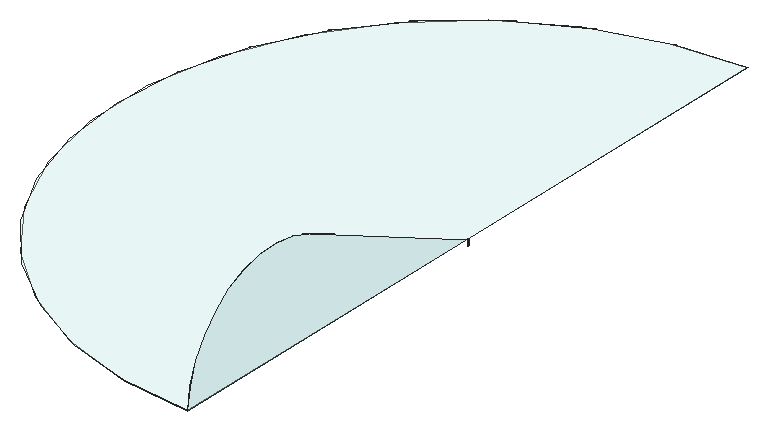
Revit family "Rotor Falvon 6504 Series - I6504PCSSHS", category Acessórios do tubo, Revit 2020
Family settings
  Cota do conector redondo = Utilizar diâmetro
  Tipo de parte = Normal
  Número OmniClass = 23.60.30.11.14
  Título OmniClass = Pipework Fittings
  Com base no plano de trabalho = Não
  Sempre na vertical = Sim
  Corte com vazios quando carregada = Não
  Compartilhado = Não
Parameters (values of type "Nozzle 18")
  Water = Water
  URL = "https://www.rainbird.com/"
  TABLE 90 = "TABLE 90psi"
  TABLE 80 = "TABLE 80psi"
  TABLE 70 = "TABLE 70psi"
  TABLE 60 = "TABLE 60psi"
  TABLE 50 = "TABLE 50psi"
  TABLE 40 = "TABLE 40psi"
  TABLE 30 = "TABLE 30psi"
  SupportProjetos: Reviw Date = ""  # constant formula
  SupportProjetos: Reviw = "R00"  # constant formula
  SupportProjetos: Level of Detail = "LOD 300"  # constant formula
  SupportProjetos: Developed = "MICHEL SOARES MOTA"  # constant formula
  SupportProjetos: Creation Date = "07/08/2020"  # constant formula
  Side inlet = no
  Rotation Water Visibility [instance] = Pop up on  # yes
  Rotation Angle [instance] = 180.00°
  RainBird: Product Link = "https://www.rainbird.com/"
  RainBird: Description = "FALCON I6504-PC-SS-HS Rotor "  # constant formula
  RainBird: Comment [instance] = ""
  RainBird: Code = "B65841"  # constant formula
  Radius [instance] = if(and(Pressure = 30.0 psi, Instance < 3 ft), size_lookup(TABLE 30, "Radius", 0 ft, Instance), if(and(Pressure = 40.0 psi, Instance < 9 ft), size_lookup(TABLE 40, "Radius", 0 ft, Instance), if(and(Pressure = 50.0 psi, Instance < 9 ft), size_lookup(TABLE 50, "Radius", 0 ft, Instance), if(and(Pressure = 60.0 psi, Instance < 9 ft), size_lookup(TABLE 60, "Radius", 0 ft, Instance), if(and(Pressure = 70.0 psi, Instance < 9 ft), size_lookup(TABLE 70, "Radius", 0 ft, Instance), if(and(Pressure = 80.0 psi, Instance < 9 ft), size_lookup(TABLE 80, "Radius", 0 ft, Instance), if(and(Pressure = 90.0 psi, Instance > 7 ft), size_lookup(TABLE 90, "Radius", 600 ft, Instance), 0 ft)))))))  # 63 ft
  RT = 0.009893 ft
  RN = 0.032808 ft
  R5 = 0.03937 ft
  R4 = 0.04101 ft
  R3 = 0.065617 ft
  R2 = 0.075407 ft
  R1 = 0.032808 ft
  Pressure [instance] = 60.0 psi
  Pop up height = 0.334646 ft
  Pop up on [instance] = yes
  Modelo = "I6504-PCSSHS"  # constant formula
  Instance = 8 ft
  H1 = Body height / 3  # 0.236333 ft
  Flow [instance] = if(and(Pressure = 30.0 psi, Instance < 3 ft), size_lookup(TABLE 30, "Flow", 0.0 GPM, Instance), if(and(Pressure = 40.0 psi, Instance < 9 ft), size_lookup(TABLE 40, "Flow", 0.0 GPM, Instance), if(and(Pressure = 50.0 psi, Instance < 9 ft), size_lookup(TABLE 50, "Flow", 0.0 GPM, Instance), if(and(Pressure = 60.0 psi, Instance < 9 ft), size_lookup(TABLE 60, "Flow", 0.0 GPM, Instance), if(and(Pressure = 70.0 psi, Instance < 9 ft), size_lookup(TABLE 70, "Flow", 0.0 GPM, Instance), if(and(Pressure = 80.0 psi, Instance < 9 ft), size_lookup(TABLE 80, "Flow", 0.0 GPM, Instance), if(and(Pressure = 90.0 psi, Instance > 7 ft), size_lookup(TABLE 90, "Flow", 0.0 GPM, Instance), 0.0 GPM)))))))  # 17.1 GPM
  Fabricante = "Rain Bird"
  Elevação padrão = 0 ft
  Description = RainBird: Description  # "FALCON I6504-PC-SS-HS Rotor "
  DD13 = 0.002625 ft
  DD12 = 0.003937 ft
  DD11 = 0.009897 ft
  DD10 = 0.016404 ft
  DD8 [instance] = if(Pop up on, Pop up height, 0 ft)  # 0.334646 ft
  DD7 = 0.019685 ft
  DD6 [instance] = 0.016404 ft
  DD5 = 0.065617 ft
  DD4 = 0.032808 ft
  DD3 = 0.091048 ft
  DD2 [instance] = 0.024514 ft
  DD9 [instance] = if(Pop up on, Pop up height + 0.049541 ft, 0 ft)  # 0.384186 ft
  DD1 = 0.006562 ft
  Conection = 0.062664 ft  # constant formula
  Body height = 0.709 ft  # constant formula
  Blue = Blue Plastic
  Black Plastic = Black Plastic
  Angle = 25.00°
Types (9, lengths in ft): name | Radius | Pressure | Instance | Flow
  (no name) | 63 | 60.0 psi | 8 | 17.1 GPM
  Nozzle 4 | 43 | 80.0 psi | 1 | 4.6 GPM
  Nozzle 6 | 49 | 80.0 psi | 2 | 4.9 GPM
  Nozzle 8 | 53 | 80.0 psi | 3 | 9.4 GPM
  Nozzle 10 | 55 | 80.0 psi | 4 | 11.6 GPM
  Nozzle 12 | 61 | 80.0 psi | 5 | 14.0 GPM
  Tipo 14 | 61 | 80.0 psi | 6 | 16.2 GPM
  Nozzle 16 | 63 | 80.0 psi | 7 | 18.1 GPM
  Nozzle 18 | 63 | 60.0 psi | 8 | 17.1 GPM
Reference planes (ft)
  plane 1 "Centro (Frente/Trás)": y = 0
  plane 2: z = 0
  plane 3 "Centro (Esquerda/Direita)": x = 0
  plane 4: z = 0.003937
  plane 5: z = 0.002625
  plane 6: y = -0.065617
Forms (ft)
  Revolve 1, solid, material "Black Plastic" <- "Black Plastic"
    sketch origin (0, 0, 0) x (1, 0, 0) y (0, 0, 1)
      loop
        line (0.075407, -0.091048) -> (0.075407, -0.035324)
        arc (0.075407, -0.035324) -> (0.072509, -0.028329) -> (0.065514, -0.025431) r 0.009893
        line (0.065514, -0.025431) -> (0.046098, -0.025431) -> (0.046098, 0) -> (0.03937, 0) -> (0.03937, -0.334646) -> (0.019685, -0.334646) -> (0.019685, -0.702438) -> (0.032808, -0.702438) -> (0.032808, -0.709) -> (0.04101, -0.709) -> (0.04101, -0.702438) -> (0.055724, -0.702438)
        arc (0.055724, -0.702438) -> (0.062719, -0.699541) -> (0.065617, -0.692545) r 0.009893
        line (0.065617, -0.692545) -> (0.065617, -0.091048) -> (0.075407, -0.091048)
      axis (0, -0.709) -> (0, 0)
    angle from 0 to 360
  Extrusion 2, solid, material "Black Plastic" <- "Black Plastic"
    sketch origin (0, 0, 0) x (1, 0, 0) y (0, 1, 0)
      loop
        circle (0, 0) r 0.032808
    from -0.334646 to 0.334646
  Extrusion 3, void
    sketch origin (0, 0, 0) x (1, 0, 0) y (0, 1, 0)
      loop
        circle (0, 0) r 0.022844
    from -0.334646 to 0.334646
  Revolve 4, solid, material "Black Plastic" <- "Black Plastic"
    sketch origin (0, 0, 0) x (1, 0, 0) y (0, 0, 1)
      loop
        line (0, 0.334646) -> (0.037004, 0.334646) -> (0.037004, 0.344543)
        arc (0.037004, 0.344543) -> (0.01879, 0.349436) -> (0, 0.35105) r 0.10685
        line (0, 0.35105) -> (0, 0.334646)
      axis (0, 0.334646) -> (0, 0.35105)
    angle from 0 to 360
  Extrusion 5, solid, material "Blue Plastic" <- "Blue"
    sketch origin (0, 0, 0) x (1, 0, 0) y (0, 0, 1)
      loop
        circle (0, 0.310131) r 0.009129
      loop
        circle (0, 0.310131) r 0.004793
    from 0 to 0.034386
  Extrusion 6, void
    sketch origin (0, 0, 0) x (1, 0, 0) y (0, 0, 1)
      loop
        line (-0.02074, 0.328055) -> (-0.02074, 0.282426) -> (0.020672, 0.282426) -> (0.020672, 0.328055) -> (-0.02074, 0.328055)
      loop
        line (-0.018439, 0.325179) -> (-0.018439, 0.285685) -> (0.018179, 0.285685) -> (0.018179, 0.325179) -> (-0.018439, 0.325179)
    from 0.024556 to 0.06931
  Extrusion 7, solid, material "Black Plastic" <- "Black Plastic"
    sketch origin (0, 0, 0) x (1, 0, 0) y (0, 0, 1)
      loop
        line (0.046098, 0) -> (0.046098, -0.036876) -> (0.073493, -0.036876) -> (0.046098, 0)
    from -0.002998 to 0.002998
  Extrusion 8, solid, material "Black Plastic" <- "Black Plastic"
    sketch origin (0, 0, 0) x (-1, 0, 0) y (0, 0, -1)
      loop
        line (0.046098, 0) -> (0.073493, 0.036876) -> (0.046098, 0.036876) -> (0.046098, 0)
    from -0.002998 to 0.002998
  Extrusion 9, solid, material "Black Plastic" <- "Black Plastic"
    sketch origin (0, 0, 0) x (0.866025, 0.5, 0) y (0, 0, 1)
      loop
        line (0.046098, 0) -> (0.046098, -0.036876) -> (0.073493, -0.036876) -> (0.046098, 0)
    from -0.002998 to 0.002998
  Extrusion 10, solid, material "Black Plastic" <- "Black Plastic"
    sketch origin (0, 0, 0) x (-0.866025, -0.5, 0) y (0, 0, -1)
      loop
        line (0.046098, 0) -> (0.073493, 0.036876) -> (0.046098, 0.036876) -> (0.046098, 0)
    from -0.002998 to 0.002998
  Extrusion 11, solid, material "Black Plastic" <- "Black Plastic"
    sketch origin (0, 0, 0) x (0, 1, 0) y (0, 0, 1)
      loop
        line (0.046098, 0) -> (0.046098, -0.036876) -> (0.073493, -0.036876) -> (0.046098, 0)
    from -0.002998 to 0.002998
  Extrusion 12, solid, material "Black Plastic" <- "Black Plastic"
    sketch origin (0, 0, 0) x (0, -1, 0) y (0, 0, -1)
      loop
        line (0.046098, 0) -> (0.073493, 0.036876) -> (0.046098, 0.036876) -> (0.046098, 0)
    from -0.002998 to 0.002998
  Extrusion 13, solid, material "Black Plastic" <- "Black Plastic"
    sketch origin (0, 0, 0) x (0.5, 0.866025, 0) y (0, 0, 1)
      loop
        line (0.046098, 0) -> (0.046098, -0.036876) -> (0.073493, -0.036876) -> (0.046098, 0)
    from -0.002998 to 0.002998
  Extrusion 14, solid, material "Black Plastic" <- "Black Plastic"
    sketch origin (0, 0, 0) x (-0.5, -0.866025, 0) y (0, 0, -1)
      loop
        line (0.046098, 0) -> (0.073493, 0.036876) -> (0.046098, 0.036876) -> (0.046098, 0)
    from -0.002998 to 0.002998
  Extrusion 15, solid, material "Black Plastic" <- "Black Plastic"
    sketch origin (0, 0, 0) x (-0.5, 0.866025, 0) y (0, 0, 1)
      loop
        line (0.046098, 0) -> (0.046098, -0.036876) -> (0.073493, -0.036876) -> (0.046098, 0)
    from -0.002998 to 0.002998
  Extrusion 16, solid, material "Black Plastic" <- "Black Plastic"
    sketch origin (0, 0, 0) x (0.5, -0.866025, 0) y (0, 0, -1)
      loop
        line (0.046098, 0) -> (0.073493, 0.036876) -> (0.046098, 0.036876) -> (0.046098, 0)
    from -0.002998 to 0.002998
  Extrusion 17, solid, material "Black Plastic" <- "Black Plastic"
    sketch origin (0, 0, 0) x (-0.866025, 0.5, 0) y (0, 0, 1)
      loop
        line (0.046098, 0) -> (0.046098, -0.036876) -> (0.073493, -0.036876) -> (0.046098, 0)
    from -0.002998 to 0.002998
  Extrusion 18, solid, material "Black Plastic" <- "Black Plastic"
    sketch origin (0, 0, 0) x (0.866025, -0.5, 0) y (0, 0, -1)
      loop
        line (0.046098, 0) -> (0.073493, 0.036876) -> (0.046098, 0.036876) -> (0.046098, 0)
    from -0.002998 to 0.002998
  Extrusion 19, void
    sketch origin (0, 0, 0) x (1, 0, 0) y (0, 1, 0)
      loop
        line (-0.002998, 0.077702) -> (-0.002998, 0.071655) -> (0.002998, 0.071655) -> (0.002998, 0.077702) -> (-0.002998, 0.077702)
    from -0.091048 to 0.82021
  Extrusion 20, void
    sketch origin (0, 0, 0) x (1, 0, 0) y (0, 1, 0)
      loop
        line (0.002998, -0.077702) -> (0.002998, -0.071655) -> (-0.002998, -0.071655) -> (-0.002998, -0.077702) -> (0.002998, -0.077702)
    from -0.091048 to 0.82021
  Extrusion 21, void
    sketch origin (0, 0, 0) x (0.965926, 0.258819, 0) y (-0.258819, 0.965926, 0)
      loop
        line (-0.002998, 0.077702) -> (-0.002998, 0.071655) -> (0.002998, 0.071655) -> (0.002998, 0.077702) -> (-0.002998, 0.077702)
    from -0.091048 to 0.82021
  Extrusion 22, void
    sketch origin (0, 0, 0) x (0.965926, 0.258819, 0) y (-0.258819, 0.965926, 0)
      loop
        line (0.002998, -0.077702) -> (0.002998, -0.071655) -> (-0.002998, -0.071655) -> (-0.002998, -0.077702) -> (0.002998, -0.077702)
    from -0.091048 to 0.82021
  Extrusion 23, void
    sketch origin (0, 0, 0) x (0.866025, 0.5, 0) y (-0.5, 0.866025, 0)
      loop
        line (-0.002998, 0.077702) -> (-0.002998, 0.071655) -> (0.002998, 0.071655) -> (0.002998, 0.077702) -> (-0.002998, 0.077702)
    from -0.091048 to 0.82021
  Extrusion 24, void
    sketch origin (0, 0, 0) x (0.866025, 0.5, 0) y (-0.5, 0.866025, 0)
      loop
        line (0.002998, -0.077702) -> (0.002998, -0.071655) -> (-0.002998, -0.071655) -> (-0.002998, -0.077702) -> (0.002998, -0.077702)
    from -0.091048 to 0.82021
  Extrusion 25, void
    sketch origin (0, 0, 0) x (0.5, 0.866025, 0) y (-0.866025, 0.5, 0)
      loop
        line (-0.002998, 0.077702) -> (-0.002998, 0.071655) -> (0.002998, 0.071655) -> (0.002998, 0.077702) -> (-0.002998, 0.077702)
    from -0.091048 to 0.82021
  Extrusion 26, void
    sketch origin (0, 0, 0) x (0.5, 0.866025, 0) y (-0.866025, 0.5, 0)
      loop
        line (0.002998, -0.077702) -> (0.002998, -0.071655) -> (-0.002998, -0.071655) -> (-0.002998, -0.077702) -> (0.002998, -0.077702)
    from -0.091048 to 0.82021
  Extrusion 27, void
    sketch origin (0, 0, 0) x (0.707107, 0.707107, 0) y (-0.707107, 0.707107, 0)
      loop
        line (-0.002998, 0.077702) -> (-0.002998, 0.071655) -> (0.002998, 0.071655) -> (0.002998, 0.077702) -> (-0.002998, 0.077702)
    from -0.091048 to 0.82021
  Extrusion 28, void
    sketch origin (0, 0, 0) x (0.707107, 0.707107, 0) y (-0.707107, 0.707107, 0)
      loop
        line (0.002998, -0.077702) -> (0.002998, -0.071655) -> (-0.002998, -0.071655) -> (-0.002998, -0.077702) -> (0.002998, -0.077702)
    from -0.091048 to 0.82021
  Extrusion 29, void
    sketch origin (0, 0, 0) x (0.258819, 0.965926, 0) y (-0.965926, 0.258819, 0)
      loop
        line (-0.002998, 0.077702) -> (-0.002998, 0.071655) -> (0.002998, 0.071655) -> (0.002998, 0.077702) -> (-0.002998, 0.077702)
    from -0.091048 to 0.82021
  Extrusion 30, void
    sketch origin (0, 0, 0) x (0.258819, 0.965926, 0) y (-0.965926, 0.258819, 0)
      loop
        line (0.002998, -0.077702) -> (0.002998, -0.071655) -> (-0.002998, -0.071655) -> (-0.002998, -0.077702) -> (0.002998, -0.077702)
    from -0.091048 to 0.82021
  Extrusion 31, void
    sketch origin (0, 0, 0) x (0, 1, 0) y (-1, 0, 0)
      loop
        line (-0.002998, 0.077702) -> (-0.002998, 0.071655) -> (0.002998, 0.071655) -> (0.002998, 0.077702) -> (-0.002998, 0.077702)
    from -0.091048 to 0.82021
  Extrusion 32, void
    sketch origin (0, 0, 0) x (0, 1, 0) y (-1, 0, 0)
      loop
        line (0.002998, -0.077702) -> (0.002998, -0.071655) -> (-0.002998, -0.071655) -> (-0.002998, -0.077702) -> (0.002998, -0.077702)
    from -0.091048 to 0.82021
  Extrusion 33, void
    sketch origin (0, 0, 0) x (-0.258819, 0.965926, 0) y (-0.965926, -0.258819, 0)
      loop
        line (-0.002998, 0.077702) -> (-0.002998, 0.071655) -> (0.002998, 0.071655) -> (0.002998, 0.077702) -> (-0.002998, 0.077702)
    from -0.091048 to 0.82021
  Extrusion 34, void
    sketch origin (0, 0, 0) x (-0.258819, 0.965926, 0) y (-0.965926, -0.258819, 0)
      loop
        line (0.002998, -0.077702) -> (0.002998, -0.071655) -> (-0.002998, -0.071655) -> (-0.002998, -0.077702) -> (0.002998, -0.077702)
    from -0.091048 to 0.82021
  Extrusion 35, void
    sketch origin (0, 0, 0) x (-0.5, 0.866025, 0) y (-0.866025, -0.5, 0)
      loop
        line (-0.002998, 0.077702) -> (-0.002998, 0.071655) -> (0.002998, 0.071655) -> (0.002998, 0.077702) -> (-0.002998, 0.077702)
    from -0.091048 to 0.82021
  Extrusion 36, void
    sketch origin (0, 0, 0) x (-0.5, 0.866025, 0) y (-0.866025, -0.5, 0)
      loop
        line (0.002998, -0.077702) -> (0.002998, -0.071655) -> (-0.002998, -0.071655) -> (-0.002998, -0.077702) -> (0.002998, -0.077702)
    from -0.091048 to 0.82021
  Extrusion 37, void
    sketch origin (0, 0, 0) x (-0.707107, 0.707107, 0) y (-0.707107, -0.707107, 0)
      loop
        line (-0.002998, 0.077702) -> (-0.002998, 0.071655) -> (0.002998, 0.071655) -> (0.002998, 0.077702) -> (-0.002998, 0.077702)
    from -0.091048 to 0.82021
  Extrusion 38, void
    sketch origin (0, 0, 0) x (-0.707107, 0.707107, 0) y (-0.707107, -0.707107, 0)
      loop
        line (0.002998, -0.077702) -> (0.002998, -0.071655) -> (-0.002998, -0.071655) -> (-0.002998, -0.077702) -> (0.002998, -0.077702)
    from -0.091048 to 0.82021
  Extrusion 39, void
    sketch origin (0, 0, 0) x (-0.866025, 0.5, 0) y (-0.5, -0.866025, 0)
      loop
        line (-0.002998, 0.077702) -> (-0.002998, 0.071655) -> (0.002998, 0.071655) -> (0.002998, 0.077702) -> (-0.002998, 0.077702)
    from -0.091048 to 0.82021
  Extrusion 40, void
    sketch origin (0, 0, 0) x (-0.866025, 0.5, 0) y (-0.5, -0.866025, 0)
      loop
        line (0.002998, -0.077702) -> (0.002998, -0.071655) -> (-0.002998, -0.071655) -> (-0.002998, -0.077702) -> (0.002998, -0.077702)
    from -0.091048 to 0.82021
  Extrusion 41, void
    sketch origin (0, 0, 0) x (-0.965926, 0.258819, 0) y (-0.258819, -0.965926, 0)
      loop
        line (-0.002998, 0.077702) -> (-0.002998, 0.071655) -> (0.002998, 0.071655) -> (0.002998, 0.077702) -> (-0.002998, 0.077702)
    from -0.091048 to 0.82021
  Extrusion 42, void
    sketch origin (0, 0, 0) x (-0.965926, 0.258819, 0) y (-0.258819, -0.965926, 0)
      loop
        line (0.002998, -0.077702) -> (0.002998, -0.071655) -> (-0.002998, -0.071655) -> (-0.002998, -0.077702) -> (0.002998, -0.077702)
    from -0.091048 to 0.82021
  Extrusion 43, solid, material "Water" <- "Water", visible <- "Rotation Water Visibility"
    sketch origin (0, 0, 0) x (0, 1, 0) y (0, 0, 1)
      loop
        line (-0.032808, 0.310131) -> (-35.615202, 16.902474)
        arc (-35.615202, 16.902474) -> (-53.751991, 15.923219) -> (-63.032808, 0.310131) r 19.287003
        line (-63.032808, 0.310131) -> (-0.032808, 0.310131)
    from -0.008202 to 0.008202
Cuts and joins
  Extrusion 3, Extrusion 6 cuts Extrusion 2
  Extrusion 19, Extrusion 20, Extrusion 21, Extrusion 22, Extrusion 23, Extrusion 24, Extrusion 25, Extrusion 26, Extrusion 27, Extrusion 28, Extrusion 29, Extrusion 30, Extrusion 31, Extrusion 32, Extrusion 33, Extrusion 34, Extrusion 35, Extrusion 36, Extrusion 37, Extrusion 38, Extrusion 39, Extrusion 40, Extrusion 41, Extrusion 42 cuts Revolve 1
Dimensions and locks (ft)
  "Body height": level to Revolve 1 sketch curve
  "R2": Revolve 1 sketch curve to plane 3 "Centro (Esquerda/Direita)"
  "DD1": Revolve 1 sketch curve to Revolve 1 sketch curve
  "DD3": level to Revolve 1 sketch curve
  Revolve 1 sketch curve to plane 3 "Centro (Esquerda/Direita)" = 0.065617 ft
  "R4": Revolve 1 sketch curve to plane 3 "Centro (Esquerda/Direita)"
  "RN": Revolve 1 sketch curve to plane 3 "Centro (Esquerda/Direita)"
  "Pop up height": level to Revolve 1 sketch curve
  "R5": plane 3 "Centro (Esquerda/Direita)" to Revolve 1 sketch curve
  "DD7": Revolve 1 sketch curve to plane 3 "Centro (Esquerda/Direita)"
  "DD8": Extrusion 2 to level
  "DD12": plane 4 to level
  "DD13": plane 5 to level
  "R3": plane 6 to plane 1 "Centro (Frente/Trás)"
  "DD5": Revolve 1 sketch curve to Revolve 1 sketch curve
  "DD10": Revolve 4 sketch curve to Revolve 4 sketch curve
  "DD11": Revolve 4 sketch curve to Revolve 4 sketch curve
  "DD2": Revolve 4 to Extrusion 5 sketch curve  (x2)
  Extrusion 7 to plane 3 "Centro (Esquerda/Direita)" = 0.046098 ft
  equal spacing: Extrusion 7, plane 1 "Centro (Frente/Trás)", Extrusion 7
  Extrusion 8 to Extrusion 8 = 0.005995 ft
  Extrusion 9 to Extrusion 9 = 0.005995 ft
  Extrusion 20 sketch curve to Extrusion 20 sketch curve = 0.005995 ft
  Extrusion 22 sketch curve to Extrusion 22 sketch curve = 0.005995 ft
  Extrusion 24 sketch curve to Extrusion 24 sketch curve = 0.005995 ft
  Extrusion 26 sketch curve to Extrusion 26 sketch curve = 0.005995 ft
  Extrusion 28 sketch curve to Extrusion 28 sketch curve = 0.005995 ft
  Extrusion 30 sketch curve to Extrusion 30 sketch curve = 0.005995 ft
  Extrusion 32 sketch curve to Extrusion 32 sketch curve = 0.005995 ft
  Extrusion 34 sketch curve to Extrusion 34 sketch curve = 0.005995 ft
  Extrusion 36 sketch curve to Extrusion 36 sketch curve = 0.005995 ft
  Extrusion 38 sketch curve to Extrusion 38 sketch curve = 0.005995 ft
  Extrusion 40 sketch curve to Extrusion 40 sketch curve = 0.005995 ft
  Extrusion 42 sketch curve to Extrusion 42 sketch curve = 0.005995 ft
  "DD4": plane 1 "Centro (Frente/Trás)" to Extrusion 43 sketch curve
  "DD2": Revolve 4 to Extrusion 43 sketch curve
  "Radius": Extrusion 43 sketch curve to Extrusion 43 sketch curve
  equal spacing: Extrusion 43, plane 3 "Centro (Esquerda/Direita)", Extrusion 43
  "DD6": Extrusion 43 to Extrusion 43
  "DD2": Revolve 4 to nested 1
  "RT": radius of Revolve 1 sketch curve  (x2)
  "R1": radius of Extrusion 2 sketch curve
  "Angle": angle Extrusion 43 sketch curve to Extrusion 43 sketch curve
  aligned and locked: level to plane 2
  aligned and locked: Revolve 1 sketch curve to Revolve 1 sketch curve
  aligned and locked: Extrusion 2 to Revolve 1
  aligned and locked: cut or joined group of Extrusion 2, Extrusion 3, Extrusion 6 to cut or joined group of Extrusion 2, Extrusion 3, Extrusion 6  (x2)
  aligned and locked: Revolve 4 sketch curve to cut or joined group of Extrusion 2, Extrusion 3, Extrusion 6
  aligned and locked: Extrusion 20 to Revolve 1
  aligned and locked: Extrusion 22 to Revolve 1
  aligned and locked: Extrusion 24 to Revolve 1
  aligned and locked: Extrusion 28 to Revolve 1
  aligned and locked: Extrusion 26 to Revolve 1
  aligned and locked: Extrusion 30 to Revolve 1
  aligned and locked: Extrusion 32 to Revolve 1
  aligned and locked: Extrusion 34 to Revolve 1
  aligned and locked: Revolve 1 to Extrusion 36
  aligned and locked: Revolve 1 to Extrusion 38
  aligned and locked: Extrusion 41 to Revolve 1
  aligned and locked: Extrusion 39 to Revolve 1
  aligned and locked: Extrusion 37 to Revolve 1
  aligned and locked: Extrusion 35 to Revolve 1
  aligned and locked: Extrusion 33 to Revolve 1
  aligned and locked: Extrusion 31 to Revolve 1
  aligned and locked: Extrusion 29 to Revolve 1
  aligned and locked: Revolve 1 to Extrusion 25
  aligned and locked: Revolve 1 to Extrusion 27
  aligned and locked: Revolve 1 to Extrusion 19
  aligned and locked: Revolve 1 to Extrusion 21
  aligned and locked: Revolve 1 to Extrusion 42
  aligned and locked: Revolve 1 to Extrusion 40
  aligned and locked: Revolve 1 to Extrusion 23
Automatic sketch dimensions
  plane 1 "Centro (Frente/Trás)" to Extrusion 2 sketch curve = 0 ft
  Extrusion 2 sketch curve to plane 3 "Centro (Esquerda/Direita)" = 0 ft
  plane 1 "Centro (Frente/Trás)" to Extrusion 3 sketch curve = 0 ft
  Extrusion 3 sketch curve to plane 3 "Centro (Esquerda/Direita)" = 0 ft
  Revolve 4 sketch curve to plane 3 "Centro (Esquerda/Direita)" = 0 ft  (x2)
  plane 3 "Centro (Esquerda/Direita)" to Revolve 4 sketch curve = 0.000284 ft
  plane 3 "Centro (Esquerda/Direita)" to Revolve 4 sketch curve = 0.037004 ft
  Revolve 4 sketch curve to Revolve 4 sketch curve = 0.015719 ft
  Revolve 4 sketch curve to Revolve 4 sketch curve = 0.114829 ft
  Extrusion 5 sketch curve to Extrusion 5 sketch curve = 0 ft
  Extrusion 5 sketch curve to plane 3 "Centro (Esquerda/Direita)" = 0 ft
  Extrusion 6 sketch curve to plane 3 "Centro (Esquerda/Direita)" = 0.02074 ft
  Extrusion 6 sketch curve to Extrusion 6 sketch curve = 0.002301 ft
  plane 3 "Centro (Esquerda/Direita)" to Extrusion 6 sketch curve = 0.018179 ft
  Extrusion 6 sketch curve to Extrusion 6 sketch curve = 0.002492 ft
  plane 4 to Extrusion 6 sketch curve = 0.278489 ft
  Extrusion 6 sketch curve to Extrusion 6 sketch curve = 0.003259 ft
  Extrusion 6 sketch curve to Extrusion 6 sketch curve = 0.039494 ft
  Extrusion 6 sketch curve to Extrusion 6 sketch curve = 0.002876 ft
  Extrusion 7 sketch curve to level = 0 ft
  plane 3 "Centro (Esquerda/Direita)" to Extrusion 7 sketch curve = 0.046098 ft
  Extrusion 7 sketch curve to Extrusion 7 sketch curve = 0.027396 ft
  Extrusion 7 sketch curve to Extrusion 7 sketch curve = 0.036876 ft
  Extrusion 8 sketch curve to level = 0 ft
  plane 3 "Centro (Esquerda/Direita)" to Extrusion 8 sketch curve = 0.046098 ft
  Extrusion 8 sketch curve to Extrusion 8 sketch curve = 0.027396 ft
  Extrusion 8 sketch curve to Extrusion 8 sketch curve = 0.036876 ft
  Extrusion 9 sketch curve to level = 0 ft
  Extrusion 9 sketch curve to level = 0.036876 ft
  Extrusion 9 sketch curve to Extrusion 9 sketch curve = 0.027396 ft
  Extrusion 10 sketch curve to level = 0 ft
  Extrusion 10 sketch curve to level = 0.036876 ft
  Extrusion 10 sketch curve to Extrusion 10 sketch curve = 0.027396 ft
  Extrusion 11 sketch curve to level = 0 ft
  Extrusion 11 sketch curve to plane 1 "Centro (Frente/Trás)" = 0.046098 ft
  Extrusion 11 sketch curve to Extrusion 11 sketch curve = 0.027396 ft
  Extrusion 11 sketch curve to Extrusion 11 sketch curve = 0.036876 ft
  Extrusion 12 sketch curve to level = 0 ft
  plane 6 to Extrusion 12 sketch curve = 0.019519 ft
  Extrusion 12 sketch curve to plane 6 = 0.007877 ft
  Extrusion 12 sketch curve to level = 0.036876 ft
  Extrusion 13 sketch curve to level = 0 ft
  Extrusion 13 sketch curve to level = 0.036876 ft
  Extrusion 13 sketch curve to Extrusion 13 sketch curve = 0.027396 ft
  Extrusion 14 sketch curve to level = 0 ft
  Extrusion 14 sketch curve to level = 0.036876 ft
  Extrusion 14 sketch curve to Extrusion 14 sketch curve = 0.027396 ft
  level to Extrusion 15 sketch curve = 0 ft
  Extrusion 15 sketch curve to level = 0.036876 ft
  Extrusion 15 sketch curve to Extrusion 15 sketch curve = 0.027396 ft
  level to Extrusion 16 sketch curve = 0 ft
  Extrusion 16 sketch curve to level = 0.036876 ft
  Extrusion 16 sketch curve to Extrusion 16 sketch curve = 0.027396 ft
  level to Extrusion 17 sketch curve = 0 ft
  Extrusion 17 sketch curve to level = 0.036876 ft
  Extrusion 17 sketch curve to Extrusion 17 sketch curve = 0.027396 ft
  level to Extrusion 18 sketch curve = 0 ft
  Extrusion 18 sketch curve to level = 0.036876 ft
  Extrusion 18 sketch curve to Extrusion 18 sketch curve = 0.027396 ft
  Extrusion 19 sketch curve to plane 3 "Centro (Esquerda/Direita)" = 0.002998 ft
  Extrusion 19 sketch curve to plane 1 "Centro (Frente/Trás)" = 0.071655 ft
  Extrusion 19 sketch curve to Extrusion 19 sketch curve = 0.006047 ft
  plane 3 "Centro (Esquerda/Direita)" to Extrusion 20 sketch curve = 0.002998 ft
  plane 6 to Extrusion 20 sketch curve = 0.006038 ft
  Extrusion 20 sketch curve to Extrusion 20 sketch curve = 0.006047 ft
  plane 3 "Centro (Esquerda/Direita)" to Extrusion 19 sketch curve = 0.002998 ft
  Extrusion 21 sketch curve to plane 3 "Centro (Esquerda/Direita)" = 0.021441 ft
  Extrusion 21 sketch curve to plane 1 "Centro (Frente/Trás)" = 0.068438 ft
  Extrusion 21 sketch curve to Extrusion 21 sketch curve = 0.005995 ft
  Extrusion 21 sketch curve to Extrusion 21 sketch curve = 0.006047 ft
  Extrusion 22 sketch curve to plane 6 = 0.010213 ft
  plane 3 "Centro (Esquerda/Direita)" to Extrusion 22 sketch curve = 0.017215 ft
  Extrusion 22 sketch curve to Extrusion 22 sketch curve = 0.006047 ft
  Extrusion 23 sketch curve to plane 3 "Centro (Esquerda/Direita)" = 0.038424 ft
  Extrusion 23 sketch curve to plane 1 "Centro (Frente/Trás)" = 0.060556 ft
  Extrusion 23 sketch curve to Extrusion 23 sketch curve = 0.005995 ft
  Extrusion 23 sketch curve to Extrusion 23 sketch curve = 0.006047 ft
  Extrusion 24 sketch curve to plane 6 = 0.003174 ft
  plane 3 "Centro (Esquerda/Direita)" to Extrusion 24 sketch curve = 0.036255 ft
  Extrusion 24 sketch curve to Extrusion 24 sketch curve = 0.006047 ft
  Extrusion 25 sketch curve to plane 1 "Centro (Frente/Trás)" = 0.033231 ft
  Extrusion 25 sketch curve to plane 3 "Centro (Esquerda/Direita)" = 0.063554 ft
  Extrusion 25 sketch curve to Extrusion 25 sketch curve = 0.005995 ft
  Extrusion 25 sketch curve to Extrusion 25 sketch curve = 0.006047 ft
  Extrusion 26 sketch curve to plane 6 = 0.02417 ft
  Extrusion 26 sketch curve to plane 3 "Centro (Esquerda/Direita)" = 0.065793 ft
  Extrusion 26 sketch curve to Extrusion 26 sketch curve = 0.006047 ft
  Extrusion 27 sketch curve to plane 1 "Centro (Frente/Trás)" = 0.048548 ft
  Extrusion 27 sketch curve to plane 3 "Centro (Esquerda/Direita)" = 0.052787 ft
  Extrusion 27 sketch curve to Extrusion 27 sketch curve = 0.005995 ft
  Extrusion 27 sketch curve to Extrusion 27 sketch curve = 0.006047 ft
  plane 6 to Extrusion 28 sketch curve = 0.008554 ft
  plane 3 "Centro (Esquerda/Direita)" to Extrusion 28 sketch curve = 0.052824 ft
  Extrusion 28 sketch curve to Extrusion 28 sketch curve = 0.006047 ft
  Extrusion 29 sketch curve to plane 1 "Centro (Frente/Trás)" = 0.01565 ft
  Extrusion 29 sketch curve to plane 3 "Centro (Esquerda/Direita)" = 0.069989 ft
  Extrusion 29 sketch curve to Extrusion 29 sketch curve = 0.005995 ft
  Extrusion 29 sketch curve to Extrusion 29 sketch curve = 0.006047 ft
  plane 1 "Centro (Frente/Trás)" to Extrusion 30 sketch curve = 0.023006 ft
  plane 3 "Centro (Esquerda/Direita)" to Extrusion 30 sketch curve = 0.074278 ft
  Extrusion 30 sketch curve to Extrusion 30 sketch curve = 0.006047 ft
  plane 1 "Centro (Frente/Trás)" to Extrusion 31 sketch curve = 0.002998 ft
  Extrusion 31 sketch curve to plane 1 "Centro (Frente/Trás)" = 0.002998 ft
  Extrusion 31 sketch curve to plane 3 "Centro (Esquerda/Direita)" = 0.071655 ft
  Extrusion 31 sketch curve to Extrusion 31 sketch curve = 0.006047 ft
  plane 1 "Centro (Frente/Trás)" to Extrusion 32 sketch curve = 0.002998 ft
  plane 3 "Centro (Esquerda/Direita)" to Extrusion 32 sketch curve = 0.077702 ft
  Extrusion 32 sketch curve to Extrusion 32 sketch curve = 0.006047 ft
  plane 1 "Centro (Frente/Trás)" to Extrusion 33 sketch curve = 0.021441 ft
  Extrusion 33 sketch curve to plane 3 "Centro (Esquerda/Direita)" = 0.068438 ft
  Extrusion 33 sketch curve to Extrusion 33 sketch curve = 0.005995 ft
  Extrusion 33 sketch curve to Extrusion 33 sketch curve = 0.006047 ft
  Extrusion 34 sketch curve to plane 1 "Centro (Frente/Trás)" = 0.017215 ft
  plane 3 "Centro (Esquerda/Direita)" to Extrusion 34 sketch curve = 0.07583 ft
  Extrusion 34 sketch curve to Extrusion 34 sketch curve = 0.006047 ft
  plane 6 to Extrusion 35 sketch curve = 0.027193 ft
  Extrusion 35 sketch curve to plane 3 "Centro (Esquerda/Direita)" = 0.060556 ft
  Extrusion 35 sketch curve to Extrusion 35 sketch curve = 0.005995 ft
  Extrusion 35 sketch curve to Extrusion 35 sketch curve = 0.006047 ft
  Extrusion 36 sketch curve to plane 1 "Centro (Frente/Trás)" = 0.036255 ft
  plane 3 "Centro (Esquerda/Direita)" to Extrusion 36 sketch curve = 0.068791 ft
  Extrusion 36 sketch curve to Extrusion 36 sketch curve = 0.006047 ft
  plane 6 to Extrusion 37 sketch curve = 0.012829 ft
  Extrusion 37 sketch curve to plane 3 "Centro (Esquerda/Direita)" = 0.048548 ft
  Extrusion 37 sketch curve to Extrusion 37 sketch curve = 0.005995 ft
  Extrusion 37 sketch curve to Extrusion 37 sketch curve = 0.006047 ft
  Extrusion 38 sketch curve to plane 1 "Centro (Frente/Trás)" = 0.052824 ft
  plane 3 "Centro (Esquerda/Direita)" to Extrusion 38 sketch curve = 0.057063 ft
  Extrusion 38 sketch curve to Extrusion 38 sketch curve = 0.006047 ft
  plane 6 to Extrusion 39 sketch curve = 0.002063 ft
  Extrusion 39 sketch curve to plane 3 "Centro (Esquerda/Direita)" = 0.033231 ft
  Extrusion 39 sketch curve to Extrusion 39 sketch curve = 0.005995 ft
  Extrusion 39 sketch curve to Extrusion 39 sketch curve = 0.006047 ft
  plane 3 "Centro (Esquerda/Direita)" to Extrusion 40 sketch curve = 0.041447 ft
  Extrusion 40 sketch curve to plane 1 "Centro (Frente/Trás)" = 0.065793 ft
  Extrusion 40 sketch curve to Extrusion 40 sketch curve = 0.006047 ft
  Extrusion 41 sketch curve to plane 6 = 0.004372 ft
  Extrusion 41 sketch curve to plane 3 "Centro (Esquerda/Direita)" = 0.01565 ft
  Extrusion 41 sketch curve to Extrusion 41 sketch curve = 0.005995 ft
  Extrusion 41 sketch curve to Extrusion 41 sketch curve = 0.006047 ft
  plane 3 "Centro (Esquerda/Direita)" to Extrusion 42 sketch curve = 0.023006 ft
  Extrusion 42 sketch curve to plane 1 "Centro (Frente/Trás)" = 0.074278 ft
  Extrusion 42 sketch curve to Extrusion 42 sketch curve = 0.006047 ft
  Revolve 1 sketch curve to plane 3 "Centro (Esquerda/Direita)" = 0 ft
  Revolve 1 sketch curve to level = 0 ft
  Revolve 1 sketch curve to Revolve 1 sketch curve = 0.019416 ft
  plane 4 to Revolve 1 sketch curve = 0.079347 ft
  Revolve 1 sketch curve to Revolve 1 sketch curve = 0.918635 ft
  Extrusion 43 sketch curve to level = 0.577487 ft
  radius of Extrusion 3 sketch curve = 0.022844 ft
  radius of Extrusion 5 sketch curve = 0.009129 ft
  radius of Extrusion 5 sketch curve = 0.004793 ft
Nested families (ft)
  nested 1: "Water" at (0.000082, 0, 0.190873) x (0, -1, 0) z (0, 0, 1), DT9 <- "DD4", Radius <- "Radius", visible <- "Rotation Water Visibility", Rotation Angle <- "Rotation Angle", type "Water"
    with Rotation Angle 180.00°, Radius 63 ft, DT9 0.032808 ft, DT8 0 ft, DT7 252 ft, DT4 315 ft, Angle 2 180.00°
Connectors (ft)
  piping at (0, 0, -0.709), diameter 2
    settings: on cut or joined group of Revolve 1, Extrusion 19, Extrusion 20, Extrusion 21, Extrusion 22, Extrusion 23, Extrusion 24, Extrusion 25, Extrusion 26, Extrusion 27, Extrusion 28, Extrusion 29, Extrusion 30, Extrusion 31, Extrusion 32, Extrusion 33, Extrusion 34, Extrusion 35, Extrusion 36, Extrusion 37, Extrusion 38, Extrusion 39, Extrusion 40, Extrusion 41, Extrusion 42, index 1, connector inside diameter 609.6 mm, connector length 0 ft, flow factor 0, pipe flow 0.0 GPM, pressure drop 0.0 psi, fitting loss kfactor 0, connector angle 0.00°, fixture units 0, engagement length 0 ft, angle of deflection 0.00°, flow configuration 0, flow direction 0, fitting loss method 0, system type 28, joint type 0, gender type 0, connector reference index -1, connector utility 0, adjustable connector no, is connector primary yes, connector description ""
Definition of nested family "Water"
  Parameters (values of type "Water")
    Water Visibility (Circle) = yes
    Water = none
    URL = ""
    SupportProjetos: Reviw Date = ""  # constant formula
    SupportProjetos: Level of Detail = "LOD 300"  # constant formula
    SupportProjetos: Developed = "MICHEL SOARES MOTA"  # constant formula
    SupportProjetos: Creation Date = "16/07/2020"  # constant formula
    Rotation Angle [instance] = 90.00°
    Reviw = "R00"  # constant formula
    Radius [instance] = 14 ft
    Model = ""
    Default Elevation = 4 ft
    Description = ""
    DT9 [instance] = 0.032808 ft
    DT8 [instance] = if(Rotation Angle = 360.00°, 10 ft, 0 ft)  # 0 ft
    DT7 [instance] = 4 * Radius  # 56 ft
    DT4 [instance] = 5 * Radius  # 70 ft
    DT2 = 0.098425 ft  # constant formula
    DT6 = 0 ft
    Angle 2 [instance] = if(Rotation Angle = 360.00°, 180.00°, 360.00° - Rotation Angle)  # 270.00°
  Reference planes (ft)
    plane 1 "Centro (Frente/Trás)": y = 0
    plane 2: z = 0
    plane 3 "Centro (Esquerda/Direita)": x = 0
  Forms (ft)
    Revolve 1, solid, material <- "Water", visible <- "Water Visibility (Circle)"
      sketch origin (0, 0, 0) x (1, 0, 0) y (0, 0, 1)
        loop
          line (0.032808, 0.098425) -> (14.032808, 0.098425) -> (14.032808, 0.119259) -> (0.032808, 0.119259) -> (0.032808, 0.098425)
        axis (0, 0.098425) -> (0, 0.119259)
      angle from 0 to 360
    Extrusion 2, void
      sketch origin (0, 0, 0) x (1, 0, 0) y (0, 1, 0)
        loop
          line (0, 0) -> (70, 0) -> (70, 56)
          arc (70, 56) -> (-70.459018, 51.588344) -> (0, -70) r 81.847109
          line (0, -70) -> (0, 0)
      from 0 to 15.189231
  Cuts and joins
    Extrusion 2 cuts Revolve 1
  Dimensions and locks (ft)
    "DT2": Revolve 1 sketch curve to level
    "DT4": Extrusion 2 sketch curve to Extrusion 2 sketch curve  (x2)
    "DT6": Extrusion 2 sketch curve to plane 3 "Centro (Esquerda/Direita)"
    "DT7": Extrusion 2 sketch curve to Extrusion 2 sketch curve
    "DT8": cut or joined group of Revolve 1, Extrusion 2 to level
    "Radius": Revolve 1 sketch curve to Revolve 1 sketch curve
    "DT9": Revolve 1 sketch curve to plane 3 "Centro (Esquerda/Direita)"
    "Angle 2": angle Extrusion 2 sketch curve to Extrusion 2 sketch curve
    aligned and locked: level to plane 2
    aligned and locked: plane 1 "Centro (Frente/Trás)" to Extrusion 2 sketch curve
  Automatic sketch dimensions
    plane 3 "Centro (Esquerda/Direita)" to Extrusion 2 sketch curve = 1.088227 ft
    Revolve 1 sketch curve to plane 3 "Centro (Esquerda/Direita)" = 0 ft
    Revolve 1 sketch curve to Revolve 1 sketch curve = 0.020833 ft
    Revolve 1 sketch curve to Revolve 1 sketch curve = 0.032113 ft
    Revolve 1 sketch curve to Revolve 1 sketch curve = 10.2693 ft
